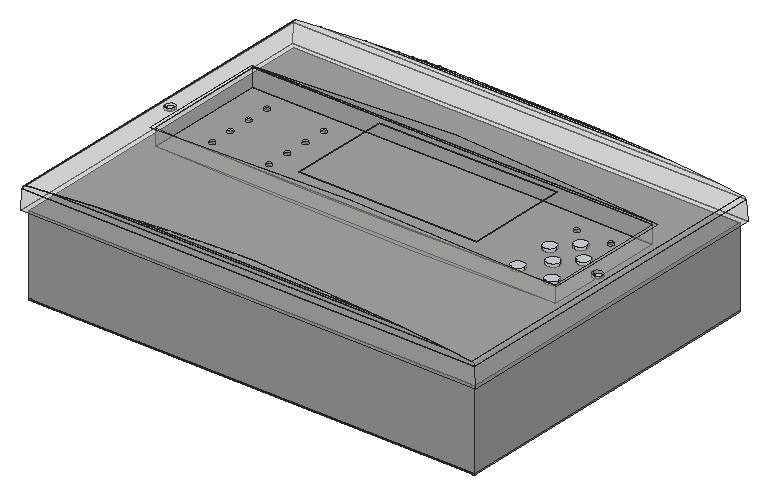
Revit family "Maxlogic Akıllı Adresli Sistem Grafik İzleme Mimik Panel", category Fire Alarm Devices, host Face, Revit 2021
Family settings
  Host = Face
  Maintain Annotation Orientation = Yes
  Round Connector Dimension = Use Diameter
  Part Type = Normal
  OmniClass Number = 23.85.30.21
  OmniClass Title = Environmental Detection/Registration
  Cut with Voids When Loaded = No
  Shared = No
  Room Calculation Point = No
Parameters (values of type "Maxlogic Akıllı Adresli Sistem Grafik İzleme Mimik Panel")
  Weight = "4900 gr"
  Weatherproof surface mounting back box = ""
  Warranty Duration Unit = "Year"
  Warranty Duration Parts = "2"
  Warranty Duration Labor = "2"
  Version = ""
  URL = "https://www.mavili.com.tr/"
  Recessed mounting base = ""
  Public Works Pose Number = ""
  Protection Sign = ""
  Product Code = "ML-1280"
  Phone Number = "(+)90 216 466 45 05"
  Operatonal Voltage (default) = ""
  Operating voltage range = ""
  Operating temperature = "(-5°C) - (+50°C)"
  Nominal Depth = "100 mm"
  Nominal Width = "400 mm"
  Nominal Height = "300 mm"
  Mounting surface = "Duvara montaj"
  Mounting height = ""
  Model = "Maxlogic"
  Manufacturer = "Mavili Elektronik Ticaret A.Ş."
  Installation Manual = "https://mavilielektronik.com/Revit/mimik_kk.pdf"
  Indicator output = ""
  Fax Number = "(+)90 216 466 45 10"
  External supply = "220 V AC"
  Email = "mavili@mavili.com.tr"
  Disclaimer = ""
  Device Adress Setup = ""
  Description = "Akıllı Adresli Sistem Grafik İzleme Mimik Panel"
  Default Elevation = 0 mm
  Current consumption = ""
  Cost unıt = ""
  Cost = 0
  Compatible sockets = ""
  Color = "Beyaz"
  Code Performance = "EN 54-4"
  Main Material = "Metal Grey"
  Secondary Material = "White Plastic ABS"
  Battery = "2 X (12V DC 7 Ah )"
  Assembly Code = ""
  Address line 1 = "Şerifali Mahallesi Kutup Sokak No:27/1-2-4 Ümraniye TR-34775 İSTANBUL"
Reference planes
  plane 1 "Center (Front/Back)": y = 0
  plane 2: z = 0
  plane 3 "Center (Left/Right)": x = 0
Forms (mm)
  Extrusion 1, solid, material "mavili arka kasa"
    sketch origin (-210, -150, 148.173) x (1, 0, 0) y (0, 0, -1)
      loop
        line (42.905, 77.3) -> (434.905, 77.3) -> (434.905, 146.904)
        arc (434.905, 146.904) -> (434.545, 147.715) -> (433.785, 148.173) r 1.476
        line (433.785, 148.173) -> (44.505, 148.173)
        arc (44.505, 148.173) -> (43.374, 147.704) -> (42.905, 146.573) r 1.6
        line (42.905, 146.573) -> (42.905, 77.3)
    from 0 to 300
  Extrusion 2, solid, material "Mavili beyaz"
    sketch origin (-210, -150, 148.173) x (1, 0, 0) y (0, 0, -1)
      loop
        line (38.905, 77.3) -> (39.824, 59.769)
        arc (39.824, 59.769) -> (40.651, 57.854) -> (42.526, 56.941) r 3
        arc (42.526, 56.941) -> (238.905, 47.3) -> (435.284, 56.941) r 2005
        arc (435.284, 56.941) -> (437.16, 57.854) -> (437.987, 59.769) r 3
        line (437.987, 59.769) -> (438.905, 77.3) -> (38.905, 77.3)
    from 0 to 300
  Extrusion 3, void
    sketch origin (-167.095, -150, 70.872) x (0, 0, 1) y (0, -1, 0)
      loop
        arc (-69.27, -296) -> (-70.403, -295.532) -> (-70.872, -294.4) r 1.6
        line (-70.872, -294.4) -> (-70.872, -300) -> (0, -300) -> (0, -296) -> (-69.27, -296)
    from 0 to 392
  Extrusion 4, void
    sketch origin (-167.095, 150, 70.872) x (0, 0, 1) y (0, -1, 0)
      loop
        line (-69.27, 296) -> (0, 296) -> (0, 300) -> (-70.872, 300) -> (-70.872, 294.4)
        arc (-70.872, 294.4) -> (-70.403, 295.532) -> (-69.27, 296) r 1.6
    from 0 to 392
  Extrusion 5, void
    sketch origin (-210, -150, 148.173) x (0, 0, -1) y (0, 1, 0)
      loop
        line (55.289, 116.326) -> (55.289, 228.158) -> (47.3, 228.297) -> (47.3, 111.721) -> (55.289, 116.326)
    from 0 to 497.127
  Extrusion 6, void
    sketch origin (-210, -150, 148.173) x (0, 0, -1) y (0, 1, 0)
      loop
        arc (47.3, 295.581) -> (48.124, 297.646) -> (50.143, 298.577) r 3
        line (50.143, 298.577) -> (51.913, 298.669) -> (55.057, 298.834) -> (59.769, 299.081) -> (77.3, 300) -> (50, 300) -> (47.3, 300) -> (47.3, 295.581)
    from 0 to 493.151
  Extrusion 7, void
    sketch origin (-210, 150, 148.173) x (0, 0, -1) y (0, 1, 0)
      loop
        line (47.3, -295.581) -> (47.3, -300) -> (50, -300) -> (77.3, -300) -> (59.769, -299.081) -> (55.057, -298.834) -> (51.913, -298.669) -> (50.143, -298.577)
        arc (50.143, -298.577) -> (48.124, -297.646) -> (47.3, -295.581) r 3
    from 0 to 493.151
  Extrusion 8, void
    sketch origin (-167.095, 146, 25.472) x (0, 0, -1) y (1, 0, 0)
      loop
        line (-13.523, 66.9) -> (-13.523, 68.054)
        arc (-13.523, 68.054) -> (-15, 68.144) -> (-16.477, 68.054) r 12.144
        line (-16.477, 68.054) -> (-16.477, 66.9)
        arc (-16.477, 66.9) -> (-26, 56.025) -> (-16.527, 45.106) r 11
        line (-16.527, 45.106) -> (-16.527, 43.952)
        arc (-16.527, 43.952) -> (-15, 43.856) -> (-13.473, 43.952) r 12.144
        line (-13.473, 43.952) -> (-13.473, 45.106)
        arc (-13.473, 45.106) -> (-4, 56.025) -> (-13.523, 66.9) r 11
    from 0 to 1
  Extrusion 9, void
    sketch origin (-127.095, 146, 25.472) x (0, 0, -1) y (1, 0, 0)
      loop
        line (-13.523, 66.9) -> (-13.523, 68.054)
        arc (-13.523, 68.054) -> (-15, 68.144) -> (-16.477, 68.054) r 12.144
        line (-16.477, 68.054) -> (-16.477, 66.9)
        arc (-16.477, 66.9) -> (-26, 56.025) -> (-16.527, 45.106) r 11
        line (-16.527, 45.106) -> (-16.527, 43.952)
        arc (-16.527, 43.952) -> (-15, 43.856) -> (-13.473, 43.952) r 12.144
        line (-13.473, 43.952) -> (-13.473, 45.106)
        arc (-13.473, 45.106) -> (-4, 56.025) -> (-13.523, 66.9) r 11
    from 0 to 1
  Extrusion 10, void
    sketch origin (-87.095, 146, 25.472) x (0, 0, -1) y (1, 0, 0)
      loop
        line (-13.523, 66.9) -> (-13.523, 68.054)
        arc (-13.523, 68.054) -> (-15, 68.144) -> (-16.477, 68.054) r 12.144
        line (-16.477, 68.054) -> (-16.477, 66.9)
        arc (-16.477, 66.9) -> (-26, 56.025) -> (-16.527, 45.106) r 11
        line (-16.527, 45.106) -> (-16.527, 43.952)
        arc (-16.527, 43.952) -> (-15, 43.856) -> (-13.473, 43.952) r 12.144
        line (-13.473, 43.952) -> (-13.473, 45.106)
        arc (-13.473, 45.106) -> (-4, 56.025) -> (-13.523, 66.9) r 11
    from 0 to 1
  Extrusion 11, void
    sketch origin (-47.095, 146, 25.472) x (0, 0, -1) y (1, 0, 0)
      loop
        line (-13.523, 66.9) -> (-13.523, 68.054)
        arc (-13.523, 68.054) -> (-15, 68.144) -> (-16.477, 68.054) r 12.144
        line (-16.477, 68.054) -> (-16.477, 66.9)
        arc (-16.477, 66.9) -> (-26, 56.025) -> (-16.527, 45.106) r 11
        line (-16.527, 45.106) -> (-16.527, 43.952)
        arc (-16.527, 43.952) -> (-15, 43.856) -> (-13.473, 43.952) r 12.144
        line (-13.473, 43.952) -> (-13.473, 45.106)
        arc (-13.473, 45.106) -> (-4, 56.025) -> (-13.523, 66.9) r 11
    from 0 to 1
  Extrusion 12, void
    sketch origin (-7.095, 146, 25.472) x (0, 0, -1) y (1, 0, 0)
      loop
        line (-13.523, 66.9) -> (-13.523, 68.054)
        arc (-13.523, 68.054) -> (-15, 68.144) -> (-16.477, 68.054) r 12.144
        line (-16.477, 68.054) -> (-16.477, 66.9)
        arc (-16.477, 66.9) -> (-26, 56.025) -> (-16.527, 45.106) r 11
        line (-16.527, 45.106) -> (-16.527, 43.952)
        arc (-16.527, 43.952) -> (-15, 43.856) -> (-13.473, 43.952) r 12.144
        line (-13.473, 43.952) -> (-13.473, 45.106)
        arc (-13.473, 45.106) -> (-4, 56.025) -> (-13.523, 66.9) r 11
    from 0 to 1
  Extrusion 13, void
    sketch origin (32.905, 146, 25.472) x (0, 0, -1) y (1, 0, 0)
      loop
        line (-13.523, 66.9) -> (-13.523, 68.054)
        arc (-13.523, 68.054) -> (-15, 68.144) -> (-16.477, 68.054) r 12.144
        line (-16.477, 68.054) -> (-16.477, 66.9)
        arc (-16.477, 66.9) -> (-26, 56.025) -> (-16.527, 45.106) r 11
        line (-16.527, 45.106) -> (-16.527, 43.952)
        arc (-16.527, 43.952) -> (-15, 43.856) -> (-13.473, 43.952) r 12.144
        line (-13.473, 43.952) -> (-13.473, 45.106)
        arc (-13.473, 45.106) -> (-4, 56.025) -> (-13.523, 66.9) r 11
    from 0 to 1
  Extrusion 14, void
    sketch origin (72.905, 146, 25.472) x (0, 0, -1) y (1, 0, 0)
      loop
        line (-13.523, 66.9) -> (-13.523, 68.054)
        arc (-13.523, 68.054) -> (-15, 68.144) -> (-16.477, 68.054) r 12.144
        line (-16.477, 68.054) -> (-16.477, 66.9)
        arc (-16.477, 66.9) -> (-26, 56.025) -> (-16.527, 45.106) r 11
        line (-16.527, 45.106) -> (-16.527, 43.952)
        arc (-16.527, 43.952) -> (-15, 43.856) -> (-13.473, 43.952) r 12.144
        line (-13.473, 43.952) -> (-13.473, 45.106)
        arc (-13.473, 45.106) -> (-4, 56.025) -> (-13.523, 66.9) r 11
    from 0 to 1
  Extrusion 15, void
    sketch origin (112.905, 146, 25.472) x (0, 0, -1) y (1, 0, 0)
      loop
        line (-13.523, 66.9) -> (-13.523, 68.054)
        arc (-13.523, 68.054) -> (-15, 68.144) -> (-16.477, 68.054) r 12.144
        line (-16.477, 68.054) -> (-16.477, 66.9)
        arc (-16.477, 66.9) -> (-26, 56.025) -> (-16.527, 45.106) r 11
        line (-16.527, 45.106) -> (-16.527, 43.952)
        arc (-16.527, 43.952) -> (-15, 43.856) -> (-13.473, 43.952) r 12.144
        line (-13.473, 43.952) -> (-13.473, 45.106)
        arc (-13.473, 45.106) -> (-4, 56.025) -> (-13.523, 66.9) r 11
    from 0 to 1
  Extrusion 16, void
    sketch origin (-210, -33.417, 92.884) x (-1, 0, 0) y (0, 1, 0)
      loop
        line (-62.836, 2.214) -> (-62.836, 108.579)
        spline (-62.836, 108.579) -> (-92.123, 108.62) -> (-121.442, 108.654) -> (-150.785, 108.681) -> (-180.148, 108.699) -> (-209.524, 108.711) -> (-238.905, 108.714) -> (-268.287, 108.711) -> (-297.662, 108.699) -> (-327.025, 108.681) -> (-356.369, 108.654) -> (-385.687, 108.62) -> (-414.974, 108.579)
        line (-414.974, 108.579) -> (-414.974, 2.214)
        spline (-414.974, 2.214) -> (-385.687, 0.847) -> (-356.369, -0.273) -> (-327.025, -1.144) -> (-297.662, -1.766) -> (-268.287, -2.14) -> (-238.905, -2.264) -> (-209.524, -2.14) -> (-180.148, -1.766) -> (-150.785, -1.144) -> (-121.442, -0.273) -> (-92.123, 0.847) -> (-62.836, 2.214)
    from 0 to 15
  Revolve 17, solid, material "Glass"
    sketch origin (-213.581, 144.917, 77.884) x (-1, 0, 0) y (0, -1, 0)
      loop
        arc (-91.405, 87.917) -> (-93.905, 90.417) -> (-96.405, 87.917) r 2.5
        line (-96.405, 87.917) -> (-91.405, 87.917)
      axis (-91.405, 87.917) -> (-96.405, 87.917)
    angle from 0 to -180
  Extrusion 18, solid
    sketch origin (73.914, -21.417, 77.884) x (0, 1, 0) y (-1, 0, 0)
      loop
        circle (63.417, -93.905) r 5.5
    from 0 to 2
  Extrusion 19, void
    sketch origin (-210, -33.417, 92.884) x (-1, 0, 0) y (0, 1, 0)
      loop
        circle (-50.905, 33.417) r 4.25
    from 0 to 3
  Extrusion 20, solid
    sketch origin (-210, -33.442, 89.884) x (0, 1, 0) y (-1, 0, 0)
      loop
        line (35.753, -50.862) -> (34.597, -48.861) -> (32.286, -48.861) -> (31.13, -50.862) -> (32.286, -52.864) -> (34.597, -52.864) -> (35.753, -50.862)
    from 0 to 1
  Extrusion 21, void
    sketch origin (267.811, -33.417, 92.884) x (-1, 0, 0) y (0, 1, 0)
      loop
        circle (50.905, 33.417) r 4.25
    from 0 to 3
  Extrusion 22, solid
    sketch origin (267.811, -33.442, 89.884) x (0, 1, 0) y (-1, 0, 0)
      loop
        line (35.753, 50.862) -> (34.597, 52.864) -> (32.286, 52.864) -> (31.13, 50.862) -> (32.286, 48.861) -> (34.597, 48.861) -> (35.753, 50.862)
    from 0 to 1
  Extrusion 23, solid
    sketch origin (58.914, -36.417, 77.884) x (0, 1, 0) y (-1, 0, 0)
      loop
        circle (63.417, -93.905) r 5.5
    from 0 to 2
  Extrusion 24, solid
    sketch origin (73.914, -21.417, 77.884) x (0, 1, 0) y (-1, 0, 0)
      loop
        circle (63.417, -93.905) r 5.5
    from 0 to 2
  Extrusion 25, solid
    sketch origin (88.914, -36.417, 77.884) x (0, 1, 0) y (-1, 0, 0)
      loop
        circle (63.417, -93.905) r 5.5
    from 0 to 2
  Extrusion 26, solid
    sketch origin (73.914, -51.417, 77.884) x (0, 1, 0) y (-1, 0, 0)
      loop
        circle (63.417, -93.905) r 5.5
    from 0 to 2
  Extrusion 27, solid
    sketch origin (88.919, -71.417, 77.884) x (0, 1, 0) y (-1, 0, 0)
      loop
        circle (63.417, -93.905) r 5.5
    from 0 to 2
  Extrusion 28, solid
    sketch origin (58.919, -71.417, 77.884) x (0, 1, 0) y (-1, 0, 0)
      loop
        circle (63.417, -93.905) r 5.5
    from 0 to 2
  Revolve 29, solid, material "Glass"
    sketch origin (-163.581, 144.917, 77.884) x (-1, 0, 0) y (0, -1, 0)
      loop
        arc (-91.405, 87.917) -> (-93.905, 90.417) -> (-96.405, 87.917) r 2.5
        line (-96.405, 87.917) -> (-91.405, 87.917)
      axis (-91.405, 87.917) -> (-96.405, 87.917)
    angle from 0 to -180
  Revolve 30, solid, material "Glass"
    sketch origin (-213.581, 124.917, 77.884) x (-1, 0, 0) y (0, -1, 0)
      loop
        arc (-91.405, 87.917) -> (-93.905, 90.417) -> (-96.405, 87.917) r 2.5
        line (-96.405, 87.917) -> (-91.405, 87.917)
      axis (-91.405, 87.917) -> (-96.405, 87.917)
    angle from 0 to -180
  Revolve 31, solid, material "Glass"
    sketch origin (-163.581, 124.917, 77.884) x (-1, 0, 0) y (0, -1, 0)
      loop
        arc (-91.405, 87.917) -> (-93.905, 90.417) -> (-96.405, 87.917) r 2.5
        line (-96.405, 87.917) -> (-91.405, 87.917)
      axis (-91.405, 87.917) -> (-96.405, 87.917)
    angle from 0 to -180
  Revolve 32, solid, material "Glass"
    sketch origin (-213.581, 104.917, 77.884) x (-1, 0, 0) y (0, -1, 0)
      loop
        arc (-91.405, 87.917) -> (-93.905, 90.417) -> (-96.405, 87.917) r 2.5
        line (-96.405, 87.917) -> (-91.405, 87.917)
      axis (-91.405, 87.917) -> (-96.405, 87.917)
    angle from 0 to -180
  Revolve 33, solid, material "Glass"
    sketch origin (-163.581, 104.917, 77.884) x (-1, 0, 0) y (0, -1, 0)
      loop
        arc (-91.405, 87.917) -> (-93.905, 90.417) -> (-96.405, 87.917) r 2.5
        line (-96.405, 87.917) -> (-91.405, 87.917)
      axis (-91.405, 87.917) -> (-96.405, 87.917)
    angle from 0 to -180
  Revolve 34, solid, material "Glass"
    sketch origin (-213.581, 84.917, 77.884) x (-1, 0, 0) y (0, -1, 0)
      loop
        arc (-91.405, 87.917) -> (-93.905, 90.417) -> (-96.405, 87.917) r 2.5
        line (-96.405, 87.917) -> (-91.405, 87.917)
      axis (-91.405, 87.917) -> (-96.405, 87.917)
    angle from 0 to -180
  Revolve 35, solid, material "Glass"
    sketch origin (-163.581, 84.917, 77.884) x (-1, 0, 0) y (0, -1, 0)
      loop
        arc (-91.405, 87.917) -> (-93.905, 90.417) -> (-96.405, 87.917) r 2.5
        line (-96.405, 87.917) -> (-91.405, 87.917)
      axis (-91.405, 87.917) -> (-96.405, 87.917)
    angle from 0 to -180
  Revolve 36, solid, material "Glass"
    sketch origin (58.919, 144.917, 77.884) x (-1, 0, 0) y (0, -1, 0)
      loop
        arc (-91.405, 87.917) -> (-93.905, 90.417) -> (-96.405, 87.917) r 2.5
        line (-96.405, 87.917) -> (-91.405, 87.917)
      axis (-91.405, 87.917) -> (-96.405, 87.917)
    angle from 0 to -180
  Revolve 37, solid, material "Glass"
    sketch origin (88.919, 144.917, 77.884) x (-1, 0, 0) y (0, -1, 0)
      loop
        arc (-91.405, 87.917) -> (-93.905, 90.417) -> (-96.405, 87.917) r 2.5
        line (-96.405, 87.917) -> (-91.405, 87.917)
      axis (-91.405, 87.917) -> (-96.405, 87.917)
    angle from 0 to -180
  Extrusion 38, solid, material "Glass"
    sketch origin (-210, -33.417, 92.884) x (0, 1, 0) y (-1, 0, 0)
      loop
        line (103.017, -179.624) -> (13.817, -179.624) -> (13.817, -336.024) -> (103.017, -336.024) -> (103.017, -179.624)
    from 0 to 0.8
Cuts and joins
  Extrusion 3, Extrusion 4, Extrusion 8, Extrusion 9, Extrusion 10, Extrusion 11, Extrusion 12, Extrusion 13, Extrusion 14, Extrusion 15 cuts Extrusion 1
  Extrusion 3, Extrusion 4, Extrusion 5, Extrusion 6, Extrusion 7, Extrusion 16, Extrusion 19, Extrusion 21 cuts Extrusion 2
  Extrusion 21 cuts Extrusion 20
Dimensions and locks
  aligned and locked: plane 2 to host face
  aligned and locked: level to host face
Connectors
  electrical at (29.145, 0, 0)
    settings: on cut or joined group of Extrusion 1, Extrusion 3, Extrusion 4, Extrusion 8, Extrusion 9, Extrusion 10, Extrusion 11, Extrusion 12, Extrusion 13, Extrusion 14, Extrusion 15, index 1, voltage 0 V, apparent load 0 VA, apparent load phase1 0 VA, apparent load phase2 0 VA, apparent load phase3 0 VA, power factor 1, load classification "Other", number of poles 1, system type 31, power factor state 1, is connector primary yes, connector utility no, sub classification motor no, connector description ""
